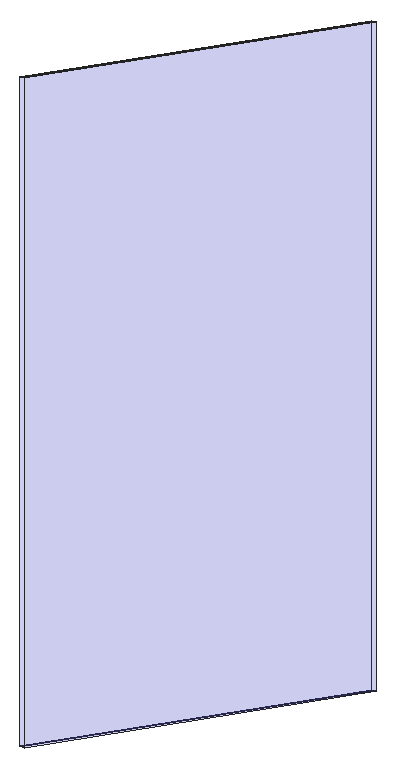
Revit family "M_Painel do balaústre - Vidro", category Balaústres, Revit 2019
Family settings
  Número OmniClass = 23.30.80.11.11.11
  Título OmniClass = Infill Panels
  ID de item do Seek = Baluster Panel - Glass-0000-CAN-ENU
  Sempre na vertical = Sim
  Corte com vazios quando carregada = Não
  Compartilhado = Não
Parameters (values of type "600 mm com intervalo lateral 25 mm")
  built-in parameter 1008623 [instance] = (empty or 0)
  Espessura [instance] = 6 mm
  built-in parameter 1008625 [instance] = 18.00°
  Post = no
  Intervalo superior do painel = 0 mm
  Material do painel = Vidro
  Largura [instance] = 600 mm
  Intervalo lateral do painel = 25 mm
  Intervalo inferior do painel = 0 mm
  built-in parameter 1008624 [instance] = (empty or 0)
  built-in parameter 1008622 [instance] = 750 mm
Types (4, lengths in mm): name | Intervalo superior do painel | Largura | Intervalo lateral do painel | Intervalo inferior do painel
  (no name) | 0 | 600 | 25 | 0
  600 mm com intervalo lateral 25 mm | 0 | 600 | 25 | 0
  450 mm com intervalo lateral 25 mm | 0 | 450 | 25 | 0
  600 mm com intervalo superior e inferior 25 mm | 25 | 600 | 0 | 25
Reference planes
  plane 1 "Centro (Frente/Trás)": y = 0
  plane 2: z = 0
  plane 3 "Centro (Esquerda/Direita)": x = 3.175
  plane 4 "Superior": z = 750
  plane 5 "Ângulo de inclinação (Superior)": through (0, 220.419, 678.381) normal (0, -0.309, -0.9511)
  plane 6 "Ângulo de inclinação (Inferior)": through (0, 0, 0) normal (0, -0.309, -0.9511)
  plane 7 "Parte frontal": y = 300
  plane 8 "Parte posterior": y = -300
  plane 9: x = 0.175
  plane 10: x = 6.175
Forms (mm)
  Extrusion 1, solid, material "Vidro" <- "Material do painel"
    sketch origin (3.175, 0, 0) x (0, 1, 0) y (0, 0, 1)
      loop
        line (275, -89.353) -> (275, 660.647) -> (-275, 839.353) -> (-275, 89.353) -> (275, -89.353)
    from -3 to 3
Lines and regions (mm)
  model lines, style "InvisibleLines"
    curve 1: line (3.175, 300, 652.524) -> (3.175, -300, 847.476)
    curve 2: line (3.175, 300, -97.476) -> (3.175, -300, 97.476)
    curve 3: line (3.175, 275, -89.353) -> (3.175, 275, 660.647)
    curve 4: line (3.175, -275, 89.353) -> (3.175, -275, 839.353)
Text (mm)
  text "Elevação do painel do balaústre" at (0, 1279.138, 1234.25), in view "Esquerda"
Dimensions and locks
  "built-in parameter 1008622": plane 2 to plane 4 "Superior"
  "Largura": plane 8 "Parte posterior" to plane 7 "Parte frontal"
  equal spacing: plane 8 "Parte posterior", plane 1 "Centro (Frente/Trás)", plane 7 "Parte frontal"
  "Espessura": plane 9 to plane 10
  equal spacing: plane 9, plane 3 "Centro (Esquerda/Direita)", plane 10
  "Intervalo superior do painel": curve 1 to plane 5 "Ângulo de inclinação (Superior)"  (x2)
  "Intervalo inferior do painel": plane 6 "Ângulo de inclinação (Inferior)" to curve 2  (x2)
  "Intervalo lateral do painel": plane 7 "Parte frontal" to curve 3  (x2)
  "Intervalo lateral do painel": curve 4 to plane 8 "Parte posterior"  (x2)
  "built-in parameter 1008625": angle plane 4 "Superior" to plane 5 "Ângulo de inclinação (Superior)"
  "built-in parameter 1008625": angle level to plane 6 "Ângulo de inclinação (Inferior)"
  aligned and locked: plane 9 to Extrusion 1
  aligned and locked: Extrusion 1 to plane 10
  aligned and locked: plane 8 "Parte posterior" to curve 2
  aligned and locked: plane 7 "Parte frontal" to curve 2
  aligned and locked: plane 5 "Ângulo de inclinação (Superior)" to curve 4
  aligned and locked: plane 6 "Ângulo de inclinação (Inferior)" to curve 4
  aligned and locked: plane 5 "Ângulo de inclinação (Superior)" to curve 3
  aligned and locked: plane 6 "Ângulo de inclinação (Inferior)" to curve 3
  aligned and locked: curve 1 to Extrusion 1 sketch curve
  aligned and locked: Extrusion 1 sketch curve to curve 2
  aligned and locked: Extrusion 1 sketch curve to curve 4
  aligned and locked: curve 3 to Extrusion 1 sketch curve
Automatic sketch dimensions
  curve 1 to plane 7 "Parte frontal" = 0 mm
  curve 1 to plane 8 "Parte posterior" = 0 mm
